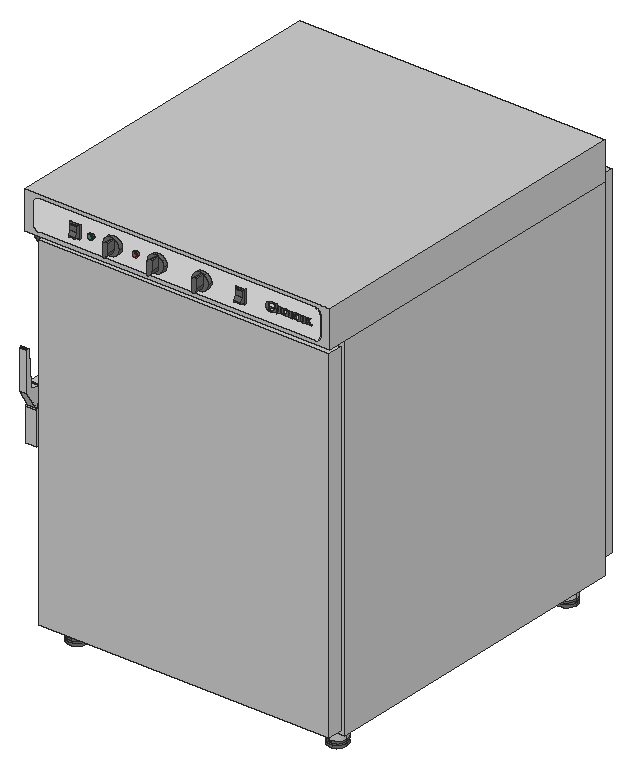
Revit family "QF_GIORIK_GR1021M_GR1021P", category Specialty Equipment, Revit 2014
Parameters (values of type "GR1021M")
  Weight in Pounds = 337.307
  Watts = 15900 W
  Waste Water Discharge Temperature = 0 °C
  Volts = 400 V
  URL Cutsheet = ""
  URL = "www.giorik.com"
  Programmable electronic control = no
  Plumbing Remarks [instance] = ""
  Plumbing Connection Type [instance] = ""
  Legs height [instance] = 60 mm
  Indirect Waste Size = 3/4"
  Indirect Waste Flow = 0.0 L/s
  Indirect Waste Connection Type [instance] = ""
  Indirect Waste Connection Height = 46 mm
  Mechanical control = yes
  Status [instance] = ""
  Specification by User [instance] = ""
  Specification by Manufacturer = ""
  Serial Number = ""
  Seismic Rating = ""
  SMACNA No = ""
  Revision Code [instance] = ""
  Phase = 3
  Number of Poles [instance] = 3
  NAFEM Spec ID Number = ""
  Model = "GR1021M"
  Min Ckt Ampacity = 0 A
  Max Overcurrent Protection = 20 A
  Masterspec = ""
  Manufacturer = "GIORIK"
  Show Logo [instance] = yes
  Show Clearance [instance] = yes
  Item Number [instance] = ""
  Installed By [instance] = ""
  Identify Quantity as Lot [instance] = no
  HP = "0"
  Furnished By [instance] = ""
  Foodservice Equipment Identifier [instance] = yes
  FL Amps = 0 A
  Electrical Remarks [instance] = ""
  Electric Connection Type [instance] = ""
  Elec Conn RI Height [instance] = 0 mm
  Elec Conn Connection Height [instance] = 549 mm
  Description = "REGENERATING OVEN 10 GN 2/1 - MECHANICAL VERSION"
  Cycle = 50 Hz
  Conn Plug = ""
  Conn Conduit [instance] = no
  Cold Water Temperature Recommended = 0 °C
  Cold Water Size = 3/4"
  Cold Water RI Height [instance] = 0 mm
  Cold Water Minimum Pressure [instance] = 150.0 kPa
  Cold Water Maximum Pressure [instance] = 600.0 kPa
  Cold Water Flow [instance] = 0.0 L/s
  Cold Water Consumption [instance] = ""
  Cold Water Connection Height = 199 mm
  CSI MasterFormat = ""
  Assembly Code = "E1090320"
  Apparent Power = 15900 VA
Reference planes
  plane 1 "Back": y = 0
  plane 2: z = 0
  plane 3 "Left": x = 0
  plane 4 "Right": x = 820
  plane 5 "Front": y = -1010
  plane 6 "Top": z = 1110
  plane 7 "Legs height": z = 60
  plane 8 "Front oven": y = -960
Forms (mm)
  Extrusion 1, solid
    sketch origin (0, 0, 0) x (1, 0, 0) y (0, 0, 1)
      loop
        line (0, 60) -> (820, 60) -> (820, 1010) -> (0, 1010) -> (0, 60)
    from 85 to 960
  Extrusion 2, solid
    sketch origin (0, -1010, 0) x (-1, 0, 0) y (0, 0, 1)
      loop
        line (-818, 1000) -> (-818, 75) -> (-38, 75) -> (-38, 1000) -> (-818, 1000)
    from 0 to 40
  Extrusion 3, solid, visible <- "Show Clearance", detail levels coarse
    sketch origin (430, -505, 0) x (1, 0, 0) y (0, 1, 0)
      loop
        line (-430, -505) -> (-430, 505) -> (390, 505) -> (390, -505) -> (490, -505) -> (490, 605) -> (-530, 605) -> (-530, -505) -> (-430, -505)
    from 0 to 1110
  Extrusion 4, solid, visible <- "Show Clearance", detail levels coarse
    sketch origin (0, -21, 60) x (0, 1, 0) y (-1, 0, 0)
      loop
        line (-989, -820) -> (-989, -38)
        arc (-989, -38) -> (-1534.361, -248.256) -> (-1777, -780) r 773.64
        line (-1777, -780) -> (-1777, -820) -> (-989, -820)
    from 15 to 940
  Extrusion 5, solid
    sketch origin (0, -1010, 0) x (-1, 0, 0) y (0, 0, 1)
      loop
        arc (-25, 1085) -> (-29.393, 1095.607) -> (-40, 1100) r 15
        line (-40, 1100) -> (-780, 1100)
        arc (-780, 1100) -> (-790.607, 1095.607) -> (-795, 1085) r 15
        line (-795, 1085) -> (-795, 1035)
        arc (-795, 1035) -> (-790.607, 1024.393) -> (-780, 1020) r 15
        line (-780, 1020) -> (-40, 1020)
        arc (-40, 1020) -> (-29.393, 1024.393) -> (-25, 1035) r 15
        line (-25, 1035) -> (-25, 1085)
    from -0.5 to 2
  Extrusion 6, solid
    sketch origin (820, 154, 0) x (0, -1, 0) y (0, 0, 1)
      loop
        circle (220, 199) r 11
    from 50 to 30
  Extrusion 7, solid, visible <- "Mechanical control"
    sketch origin (0, -1010, 0) x (-1, 0, 0) y (0, 0, 1)
      loop
        circle (-180, 1060) r 7.5
    from 0 to -3
  Extrusion 8, solid, visible <- "Show Logo", detail levels medium+fine
    sketch origin (576.604, -1010, 203.695) x (-1, 0, 0) y (0, 0, 1)
      loop
        line (-104.547, 863.962) -> (-115.547, 863.962) -> (-112.754, 861.618) -> (-112.754, 851.306) -> (-115.547, 848.962) -> (-104.547, 848.962) -> (-107.34, 851.306) -> (-107.34, 861.618) -> (-104.547, 863.962)
      loop
        line (-159.547, 863.962) -> (-170.547, 863.962) -> (-167.754, 861.618) -> (-167.754, 851.306) -> (-170.547, 848.962) -> (-159.547, 848.962) -> (-162.34, 851.306) -> (-162.34, 861.618) -> (-159.547, 863.962)
      loop
        line (-172.547, 863.962) -> (-183.547, 863.962) -> (-180.754, 861.618) -> (-180.754, 856.706) -> (-187.354, 862.244) -> (-184.9, 863.962) -> (-193.294, 863.962) -> (-189.303, 862.101) -> (-186.172, 858.97) -> (-192.777, 851.098) -> (-195.9, 849.962) -> (-195.9, 848.962) -> (-184.9, 848.962) -> (-186.151, 850.747) -> (-182.483, 855.625) -> (-180.754, 854.818) -> (-180.754, 851.306) -> (-183.547, 848.962) -> (-172.547, 848.962) -> (-175.34, 851.306) -> (-175.34, 861.618) -> (-172.547, 863.962)
      loop
        line (-100.387, 868.5) -> (-100.387, 858.865)
        arc (-100.387, 858.865) -> (-95.719, 863.282) -> (-89.875, 865.956) r 19.648
        arc (-89.875, 865.956) -> (-85.547, 865.774) -> (-82.114, 863.131) r 7.168
        arc (-82.114, 863.131) -> (-80.034, 856.5) -> (-82.114, 849.868) r 11.613
        arc (-82.114, 849.868) -> (-84.434, 847.581) -> (-87.423, 846.287) r 8.864
        arc (-87.423, 846.287) -> (-90.954, 846.508) -> (-93.801, 848.608) r 6.26
        line (-93.801, 848.608) -> (-93.801, 856.174) -> (-101.26, 856.174) -> (-101.26, 848.213) -> (-103.406, 846.068) -> (-98.753, 847.314)
        arc (-98.753, 847.314) -> (-96.873, 847.533) -> (-95.12, 846.821) r 3.816
        arc (-95.12, 846.821) -> (-86.651, 844.034) -> (-78.183, 846.821) r 14.26
        arc (-78.183, 846.821) -> (-73.396, 856.305) -> (-78.183, 865.788) r 11.787
        arc (-78.183, 865.788) -> (-86.838, 868.637) -> (-95.494, 865.788) r 14.575
        line (-95.494, 865.788) -> (-100.387, 868.5)
      loop
        arc (-117.299, 861.157) -> (-125.457, 864.293) -> (-133.615, 861.157) r 12.178
        arc (-133.615, 861.157) -> (-135.675, 856.524) -> (-133.615, 851.891) r 6.24
        arc (-133.615, 851.891) -> (-125.457, 848.755) -> (-117.299, 851.891) r 12.178
        arc (-117.299, 851.891) -> (-115.239, 856.524) -> (-117.299, 861.157) r 6.24
      loop
        arc (-121.457, 859.117) -> (-125.457, 863.117) -> (-129.457, 859.117) r 4
        line (-129.457, 859.117) -> (-129.457, 853.931)
        arc (-129.457, 853.931) -> (-125.457, 849.931) -> (-121.457, 853.931) r 4
        line (-121.457, 853.931) -> (-121.457, 859.117)
      loop
        arc (-150.534, 863.971) -> (-154.557, 859.947) -> (-150.534, 855.923) r 4.024
        line (-150.534, 855.923) -> (-154.412, 850.423) -> (-157.545, 848.962) -> (-149.901, 848.962) -> (-147.062, 855.05) -> (-143.519, 855.05) -> (-143.519, 851.008) -> (-146.441, 848.962) -> (-135.402, 848.962) -> (-137.953, 850.881) -> (-137.953, 861.677) -> (-135.669, 863.971) -> (-150.534, 863.971)
      loop
        line (-143.519, 862.926) -> (-147.194, 862.926)
        arc (-147.194, 862.926) -> (-150.379, 859.741) -> (-147.194, 856.556) r 3.185
        line (-147.194, 856.556) -> (-143.519, 856.556) -> (-143.519, 862.926)
    from 0.5 to -1.5
  Extrusion 9, solid, visible <- "Show Logo", detail levels medium+fine
    sketch origin (574.604, -1010, 203.695) x (-1, 0, 0) y (0, 0, 1)
      loop
        line (-83.301, 856.174) -> (-95.301, 856.174) -> (-89.301, 851.174) -> (-83.301, 856.174)
    from 0.5 to -1.5
  Extrusion 10, solid
    sketch origin (0, -65, 0) x (1, 0, 0) y (0, 1, 0)
      loop
        circle (60, -72) r 25
    from 0 to 6
  Extrusion 11, solid
    sketch origin (0, -65, 0) x (1, 0, 0) y (0, 1, 0)
      loop
        circle (60, -72) r 25
    from 17 to 60
  Extrusion 12, solid
    sketch origin (0, -65, 0) x (1, 0, 0) y (0, 1, 0)
      loop
        circle (60, -72) r 23
    from 6 to 12
  Extrusion 13, solid
    sketch origin (0, -65, 0) x (1, 0, 0) y (0, 1, 0)
      loop
        circle (60, -72) r 25
    from 12 to 17
  Extrusion 14, solid
    sketch origin (0, -573, 0) x (1, 0, 0) y (0, 1, 0)
      loop
        circle (60, -336) r 25
    from 0 to 6
  Extrusion 15, solid
    sketch origin (0, -573, 0) x (1, 0, 0) y (0, 1, 0)
      loop
        circle (60, -336) r 25
    from 17 to 60
  Extrusion 16, solid
    sketch origin (0, -573, 0) x (1, 0, 0) y (0, 1, 0)
      loop
        circle (60, -336) r 23
    from 6 to 12
  Extrusion 17, solid
    sketch origin (0, -573, 0) x (1, 0, 0) y (0, 1, 0)
      loop
        circle (60, -336) r 25
    from 12 to 17
  Extrusion 18, solid
    sketch origin (700, -65, 0) x (1, 0, 0) y (0, 1, 0)
      loop
        circle (60, -72) r 25
    from 0 to 6
  Extrusion 19, solid
    sketch origin (700, -65, 0) x (1, 0, 0) y (0, 1, 0)
      loop
        circle (60, -72) r 25
    from 17 to 60
  Extrusion 20, solid
    sketch origin (700, -65, 0) x (1, 0, 0) y (0, 1, 0)
      loop
        circle (60, -72) r 23
    from 6 to 12
  Extrusion 21, solid
    sketch origin (700, -65, 0) x (1, 0, 0) y (0, 1, 0)
      loop
        circle (60, -72) r 25
    from 12 to 17
  Extrusion 22, solid
    sketch origin (700, -573, 0) x (1, 0, 0) y (0, 1, 0)
      loop
        circle (60, -336) r 25
    from 0 to 6
  Extrusion 23, solid
    sketch origin (700, -573, 0) x (1, 0, 0) y (0, 1, 0)
      loop
        circle (60, -336) r 25
    from 17 to 60
  Extrusion 24, solid
    sketch origin (700, -573, 0) x (1, 0, 0) y (0, 1, 0)
      loop
        circle (60, -336) r 23
    from 6 to 12
  Extrusion 25, solid
    sketch origin (700, -573, 0) x (1, 0, 0) y (0, 1, 0)
      loop
        circle (60, -336) r 25
    from 12 to 17
  Extrusion 26, solid
    sketch origin (0, 0, 0) x (1, 0, 0) y (0, 0, 1)
      loop
        line (50, 60) -> (770, 60) -> (770, 985) -> (50, 985) -> (50, 60)
    from 0 to 85
  Extrusion 27, solid
    sketch origin (0, 0, 0) x (1, 0, 0) y (0, 0, 1)
      loop
        line (0, 1110) -> (0, 1010) -> (820, 1010) -> (820, 1110) -> (0, 1110)
    from 85 to 1010
  Extrusion 28, solid
    sketch origin (0, 0, 190) x (0, 1, 0) y (0, 0, 1)
      loop
        line (-972.5, 307) -> (-972.5, 457) -> (-999.5, 455.5) -> (-999.5, 426.5) -> (-1012.5, 400) -> (-1012.5, 312) -> (-972.5, 307)
    from 6 to 36
  Extrusion 29, solid
    sketch origin (0, 0, -190) x (0, 1, 0) y (0, 0, 1)
      loop
        line (-1012.5, 780) -> (-999.5, 806.5) -> (-999.5, 833.216) -> (-1019.655, 835.333)
        arc (-1019.655, 835.333) -> (-1025.803, 838.331) -> (-1028.586, 844.58) r 10
        line (-1028.586, 844.58) -> (-1035, 936.21) -> (-1037.5, 936.21) -> (-1040, 933.71) -> (-1040, 832.08) -> (-1012.5, 784.31) -> (-1012.5, 780)
    from 11 to 31
  Extrusion 30, solid
    sketch origin (0, 0, 190) x (0, 1, 0) y (0, 0, 1)
      loop
        line (-960, 306.3) -> (-960, 364.3) -> (-962.8, 364.3)
        arc (-962.8, 364.3) -> (-964.568, 363.568) -> (-965.3, 361.8) r 2.5
        line (-965.3, 361.8) -> (-965.3, 339.484)
        arc (-965.3, 339.484) -> (-965.917, 337.839) -> (-967.464, 337.006) r 2.5
        line (-967.464, 337.006) -> (-972.5, 336.324) -> (-972.5, 324.276) -> (-967.464, 323.593)
        arc (-967.464, 323.593) -> (-965.917, 322.761) -> (-965.3, 321.116) r 2.5
        line (-965.3, 321.116) -> (-965.3, 308.8)
        arc (-965.3, 308.8) -> (-964.568, 307.032) -> (-962.8, 306.3) r 2.5
        line (-962.8, 306.3) -> (-960, 306.3)
    from 8.5 to 33.5
  Extrusion 31, solid, visible <- "Mechanical control"
    sketch origin (0, -1010, 0) x (-1, 0, 0) y (0, 0, 1)
      loop
        arc (-247.2, 1054.346) -> (-244.087, 1045.403) -> (-236.094, 1040.325) r 14.404
        arc (-236.094, 1040.325) -> (-234.423, 1040.714) -> (-232.8, 1041.269) r 17
        line (-232.8, 1041.269) -> (-232.8, 1066.046)
        arc (-232.8, 1066.046) -> (-235.913, 1074.989) -> (-243.906, 1080.067) r 14.404
        arc (-243.906, 1080.067) -> (-245.577, 1079.678) -> (-247.2, 1079.123) r 17
        line (-247.2, 1079.123) -> (-247.2, 1054.346)
    from -30 to -10
  Extrusion 32, solid, visible <- "Mechanical control"
    sketch origin (0, -1010, 0) x (-1, 0, 0) y (0, 0, 1)
      loop
        circle (-240, 1060.196) r 22.5
    from 0 to -10
  Extrusion 33, solid, visible <- "Mechanical control"
    sketch origin (120, -1010, 0) x (-1, 0, 0) y (0, 0, 1)
      loop
        arc (-247.2, 1054.346) -> (-244.087, 1045.403) -> (-236.094, 1040.325) r 14.404
        arc (-236.094, 1040.325) -> (-234.423, 1040.714) -> (-232.8, 1041.269) r 17
        line (-232.8, 1041.269) -> (-232.8, 1066.046)
        arc (-232.8, 1066.046) -> (-235.913, 1074.989) -> (-243.906, 1080.067) r 14.404
        arc (-243.906, 1080.067) -> (-245.577, 1079.678) -> (-247.2, 1079.123) r 17
        line (-247.2, 1079.123) -> (-247.2, 1054.346)
    from -30 to -10
  Extrusion 34, solid, visible <- "Mechanical control"
    sketch origin (120, -1010, 0) x (-1, 0, 0) y (0, 0, 1)
      loop
        circle (-240, 1060.196) r 22.5
    from 0 to -10
  Extrusion 35, solid, visible <- "Mechanical control"
    sketch origin (0, -1010, 0) x (-1, 0, 0) y (0, 0, 1)
      loop
        circle (-180, 1060) r 5.5
    from -3 to -6
  Extrusion 36, solid, visible <- "Mechanical control"
    sketch origin (120, -1010, 0) x (-1, 0, 0) y (0, 0, 1)
      loop
        circle (-180, 1060) r 7.5
    from 0 to -3
  Extrusion 37, solid, visible <- "Mechanical control"
    sketch origin (120, -1010, 0) x (-1, 0, 0) y (0, 0, 1)
      loop
        circle (-180, 1060) r 5.5
    from -3 to -6
  Extrusion 38, solid, visible <- "Mechanical control"
    sketch origin (0, -1010, 0) x (-1, 0, 0) y (0, 0, 1)
      loop
        line (-125, 1042.5) -> (-125, 1077.5) -> (-150, 1077.5) -> (-150, 1042.5) -> (-125, 1042.5)
    from 0 to -3
  Extrusion 39, solid, visible <- "Mechanical control"
    sketch origin (0, 0, 0) x (0, 1, 0) y (0, 0, 1)
      loop
        line (-1013, 1074.5) -> (-1017, 1074.5) -> (-1017, 1060) -> (-1022.435, 1048.345)
        arc (-1022.435, 1048.345) -> (-1022.309, 1046.425) -> (-1020.622, 1045.5) r 2
        line (-1020.622, 1045.5) -> (-1013, 1045.5) -> (-1013, 1074.5)
    from 128 to 147
  Extrusion 40, solid
    sketch origin (-118.5, -970, -124) x (0, 1, 0) y (0, 0, 1)
      loop
        line (894.124, 687.794) -> (886.25, 674.156) -> (886.25, 671.844) -> (894.124, 658.206) -> (896.126, 657.05) -> (911.874, 657.05) -> (913.876, 658.206) -> (921.75, 671.844) -> (921.75, 674.156) -> (913.876, 687.794) -> (911.874, 688.95) -> (896.126, 688.95) -> (894.124, 687.794)
    from 144.771 to 152.771
  Extrusion 41, solid
    sketch origin (-118.5, -970, -124) x (0, 1, 0) y (0, 0, 1)
      loop
        line (894.124, 687.794) -> (886.25, 674.156) -> (886.25, 671.844) -> (894.124, 658.206) -> (896.126, 657.05) -> (911.874, 657.05) -> (913.876, 658.206) -> (921.75, 671.844) -> (921.75, 674.156) -> (913.876, 687.794) -> (911.874, 688.95) -> (896.126, 688.95) -> (894.124, 687.794)
    from 160.771 to 152.771
  Extrusion 42, solid
    sketch origin (-118.5, -970, -124) x (0, 1, 0) y (0, 0, 1)
      loop
        line (894.124, 687.794) -> (886.25, 674.156) -> (886.25, 671.844) -> (894.124, 658.206) -> (896.126, 657.05) -> (911.874, 657.05) -> (913.876, 658.206) -> (921.75, 671.844) -> (921.75, 674.156) -> (913.876, 687.794) -> (911.874, 688.95) -> (896.126, 688.95) -> (894.124, 687.794)
    from 168.5 to 160.771
  Revolve 43, solid
    sketch origin (16, 0, 0) x (0, 1, 0) y (0, 0, 1)
      loop
        line (-960, 989.289) -> (-960, 997.386) -> (-970.896, 999.202)
        arc (-970.896, 999.202) -> (-971.334, 999.395) -> (-971.638, 999.766) r 1.032
        line (-971.638, 999.766) -> (-974.719, 1006.1)
        arc (-974.719, 1006.1) -> (-975.654, 1006.864) -> (-976.588, 1006.1) r 0.954
        arc (-976.588, 1006.1) -> (-978.837, 997.805) -> (-980, 989.289) r 66.68
        line (-980, 989.289) -> (-960, 989.289)
      axis (-960, 989.289) -> (-980, 989.289)
    angle from 0 to 360
  Extrusion 44, solid, visible <- "Mechanical control"
    sketch origin (240, -1010, 0) x (-1, 0, 0) y (0, 0, 1)
      loop
        arc (-247.2, 1054.346) -> (-244.087, 1045.403) -> (-236.094, 1040.325) r 14.404
        arc (-236.094, 1040.325) -> (-234.423, 1040.714) -> (-232.8, 1041.269) r 17
        line (-232.8, 1041.269) -> (-232.8, 1066.046)
        arc (-232.8, 1066.046) -> (-235.913, 1074.989) -> (-243.906, 1080.067) r 14.404
        arc (-243.906, 1080.067) -> (-245.577, 1079.678) -> (-247.2, 1079.123) r 17
        line (-247.2, 1079.123) -> (-247.2, 1054.346)
    from -30 to -10
  Extrusion 45, solid, visible <- "Mechanical control"
    sketch origin (240, -1010, 0) x (-1, 0, 0) y (0, 0, 1)
      loop
        circle (-240, 1060.196) r 22.5
    from 0 to -10
  Extrusion 46, solid, visible <- "Mechanical control"
    sketch origin (720, -1010, 0) x (1, 0, 0) y (0, 0, -1)
      loop
        line (-125, -1042.5) -> (-150, -1042.5) -> (-150, -1077.5) -> (-125, -1077.5) -> (-125, -1042.5)
    from 0 to -3
  Extrusion 47, solid, visible <- "Mechanical control"
    sketch origin (720, 0, 0) x (0, 1, 0) y (0, 0, -1)
      loop
        line (-1013, -1074.5) -> (-1013, -1045.5) -> (-1020.622, -1045.5)
        arc (-1020.622, -1045.5) -> (-1022.309, -1046.425) -> (-1022.435, -1048.345) r 2
        line (-1022.435, -1048.345) -> (-1017, -1060) -> (-1017, -1074.5) -> (-1013, -1074.5)
    from 128 to 147
  Sweep 48, solid
    path origin (0, -145, 60) x (0, 1, 0) y (-1, 0, 0)
      loop
        line (-470.54, -439.955) -> (-10, -645)
    profile origin (542.477, -385.27, 60) x (-0.913545, 0.406737, 0) y (0, 0, 1)
      loop
        circle (0, -14) r 11
  Sweep 49, solid
    path origin (986.762, -346.241, 4.474) x (-0.406737, -0.913545, 0) y (0, 0, 1)
      loop
        line (468.424, 46) -> (478.424, 46)
        arc (478.424, 46) -> (485.495, 48.929) -> (488.424, 56) r 10
        line (488.424, 56) -> (488.424, 60)
    profile origin (788.103, -792.438, 62.474) x (0.406737, 0.913545, 0) y (-0.913545, 0.406737, 0)
      loop
        circle (-4.474, 390) r 11
  Sweep 50, solid
    path origin (0, -145, 60) x (0, 1, 0) y (-1, 0, 0)
      loop
        line (-478.977, -436.198) -> (-451.571, -448.4)
    profile origin (442.299, -610.274, 60) x (-0.913545, 0.406737, 0) y (0, 0, 1)
      loop
        circle (0, -14) r 14
  Sweep 51, solid
    path origin (0, -10, 0) x (0, 1, 0) y (0, 0, 1)
      loop
        line (-79.938, 1054.218) -> (-60.185, 1057.347)
    profile origin (0, -80.062, 1055.782) x (0, -0.156434, 0.987688) y (1, 0, 0)
      loop
        circle (0, 160) r 25
  Extrusion 52, solid, visible <- "Programmable electronic control"
    sketch origin (0, -1010, 0) x (-1, 0, 0) y (0, 0, 1)
      loop
        line (-71, 1065.5) -> (-71, 1079.5)
        arc (-71, 1079.5) -> (-71.586, 1080.914) -> (-73, 1081.5) r 2
        line (-73, 1081.5) -> (-87, 1081.5)
        arc (-87, 1081.5) -> (-88.414, 1080.914) -> (-89, 1079.5) r 2
        line (-89, 1079.5) -> (-89, 1065.5)
        arc (-89, 1065.5) -> (-88.414, 1064.086) -> (-87, 1063.5) r 2
        line (-87, 1063.5) -> (-73, 1063.5)
        arc (-73, 1063.5) -> (-71.586, 1064.086) -> (-71, 1065.5) r 2
      loop
        arc (-71, 1047) -> (-71.586, 1048.414) -> (-73, 1049) r 2
        line (-73, 1049) -> (-87, 1049)
        arc (-87, 1049) -> (-88.414, 1048.414) -> (-89, 1047) r 2
        line (-89, 1047) -> (-89, 1033)
        arc (-89, 1033) -> (-88.414, 1031.586) -> (-87, 1031) r 2
        line (-87, 1031) -> (-73, 1031)
        arc (-73, 1031) -> (-71.586, 1031.586) -> (-71, 1033) r 2
        line (-71, 1033) -> (-71, 1047)
      loop
        line (-85.824, 1071.942) -> (-85.824, 1068.598) -> (-77.871, 1068.598) -> (-77.871, 1067.344) -> (-75.064, 1069.098) -> (-77.871, 1070.852) -> (-77.871, 1069.598) -> (-84.824, 1069.598) -> (-84.824, 1071.942) -> (-85.824, 1071.942)
      loop
        arc (-86.5, 1048) -> (-87.561, 1047.561) -> (-88, 1046.5) r 1.5
        line (-88, 1046.5) -> (-88, 1033.5)
        arc (-88, 1033.5) -> (-87.561, 1032.439) -> (-86.5, 1032) r 1.5
        line (-86.5, 1032) -> (-73.5, 1032)
        arc (-73.5, 1032) -> (-72.439, 1032.439) -> (-72, 1033.5) r 1.5
        line (-72, 1033.5) -> (-72, 1046.5)
        arc (-72, 1046.5) -> (-72.439, 1047.561) -> (-73.5, 1048) r 1.5
        line (-73.5, 1048) -> (-86.5, 1048)
      loop
        line (-79.5, 1046) -> (-80.5, 1046) -> (-80.5, 1040) -> (-79.5, 1040) -> (-79.5, 1046)
      loop
        arc (-78.987, 1045.406) -> (-80, 1034.5) -> (-81.013, 1045.406) r 5.5
        line (-81.013, 1045.406) -> (-81.013, 1044.385)
        arc (-81.013, 1044.385) -> (-80, 1035.5) -> (-78.987, 1044.385) r 4.5
        line (-78.987, 1044.385) -> (-78.987, 1045.406)
      loop
        line (-75.022, 1077) -> (-84.978, 1077) -> (-84.978, 1074.886) -> (-75.022, 1074.886) -> (-75.022, 1077)
      loop
        line (-107, 1065.5) -> (-107, 1079.5)
        arc (-107, 1079.5) -> (-107.586, 1080.914) -> (-109, 1081.5) r 2
        line (-109, 1081.5) -> (-123, 1081.5)
        arc (-123, 1081.5) -> (-124.414, 1080.914) -> (-125, 1079.5) r 2
        line (-125, 1079.5) -> (-125, 1065.5)
        arc (-125, 1065.5) -> (-124.414, 1064.086) -> (-123, 1063.5) r 2
        line (-123, 1063.5) -> (-109, 1063.5)
        arc (-109, 1063.5) -> (-107.586, 1064.086) -> (-107, 1065.5) r 2
      loop
        circle (-111.46, 1077) r 1.5
      loop
        circle (-120.54, 1068) r 1.5
      loop
        arc (-107, 1047) -> (-107.586, 1048.414) -> (-109, 1049) r 2
        line (-109, 1049) -> (-123, 1049)
        arc (-123, 1049) -> (-124.414, 1048.414) -> (-125, 1047) r 2
        line (-125, 1047) -> (-125, 1033)
        arc (-125, 1033) -> (-124.414, 1031.586) -> (-123, 1031) r 2
        line (-123, 1031) -> (-109, 1031)
        arc (-109, 1031) -> (-107.586, 1031.586) -> (-107, 1033) r 2
        line (-107, 1033) -> (-107, 1047)
      loop
        arc (-110.035, 1042.254) -> (-112.14, 1043.328) -> (-114.387, 1042.599) r 3.087
        arc (-114.387, 1042.599) -> (-116.352, 1044.804) -> (-119.278, 1045.2) r 4.257
        line (-119.278, 1045.2) -> (-121.9, 1039.311)
        arc (-121.9, 1039.311) -> (-118.973, 1038.915) -> (-117.009, 1036.711) r 4.257
        arc (-117.009, 1036.711) -> (-114.761, 1037.439) -> (-112.657, 1036.365) r 3.087
        line (-112.657, 1036.365) -> (-110.035, 1042.254)
      loop
        arc (-111.244, 1041.998) -> (-112.518, 1042.333) -> (-113.738, 1041.838) r 2.087
        line (-113.738, 1041.838) -> (-115.318, 1042.234)
        arc (-115.318, 1042.234) -> (-116.614, 1043.801) -> (-118.587, 1044.293) r 3.257
        line (-118.587, 1044.293) -> (-120.332, 1040.374)
        arc (-120.332, 1040.374) -> (-118.235, 1039.644) -> (-116.626, 1038.114) r 5.257
        arc (-116.626, 1038.114) -> (-114.817, 1038.444) -> (-113.047, 1037.949) r 4.087
        line (-113.047, 1037.949) -> (-111.244, 1041.998)
      loop
        arc (-143, 1047) -> (-143.586, 1048.414) -> (-145, 1049) r 2
        line (-145, 1049) -> (-159, 1049)
        arc (-159, 1049) -> (-160.414, 1048.414) -> (-161, 1047) r 2
        line (-161, 1047) -> (-161, 1033)
        arc (-161, 1033) -> (-160.414, 1031.586) -> (-159, 1031) r 2
        line (-159, 1031) -> (-145, 1031)
        arc (-145, 1031) -> (-143.586, 1031.586) -> (-143, 1033) r 2
        line (-143, 1033) -> (-143, 1047)
      loop
        arc (-179, 1047) -> (-179.586, 1048.414) -> (-181, 1049) r 2
        line (-181, 1049) -> (-195, 1049)
        arc (-195, 1049) -> (-196.414, 1048.414) -> (-197, 1047) r 2
        line (-197, 1047) -> (-197, 1033)
        arc (-197, 1033) -> (-196.414, 1031.586) -> (-195, 1031) r 2
        line (-195, 1031) -> (-181, 1031)
        arc (-181, 1031) -> (-179.586, 1031.586) -> (-179, 1033) r 2
        line (-179, 1033) -> (-179, 1047)
      loop
        line (-149.5, 1039.25) -> (-149.5, 1040.75) -> (-154.5, 1040.75) -> (-154.5, 1039.25) -> (-149.5, 1039.25)
      loop
        line (-185, 1039.25) -> (-185, 1040.75) -> (-187.25, 1040.75) -> (-187.25, 1042.992) -> (-188.75, 1042.992) -> (-188.75, 1040.75) -> (-191, 1040.75) -> (-191, 1039.25) -> (-188.75, 1039.25) -> (-188.75, 1037) -> (-187.25, 1037) -> (-187.25, 1039.25) -> (-185, 1039.25)
      loop
        arc (-215, 1047) -> (-215.586, 1048.414) -> (-217, 1049) r 2
        line (-217, 1049) -> (-231, 1049)
        arc (-231, 1049) -> (-232.414, 1048.414) -> (-233, 1047) r 2
        line (-233, 1047) -> (-233, 1033)
        arc (-233, 1033) -> (-232.414, 1031.586) -> (-231, 1031) r 2
        line (-231, 1031) -> (-217, 1031)
        arc (-217, 1031) -> (-215.586, 1031.586) -> (-215, 1033) r 2
        line (-215, 1033) -> (-215, 1047)
      loop
        arc (-215, 1079.5) -> (-215.586, 1080.914) -> (-217, 1081.5) r 2
        line (-217, 1081.5) -> (-231, 1081.5)
        arc (-231, 1081.5) -> (-232.414, 1080.914) -> (-233, 1079.5) r 2
        line (-233, 1079.5) -> (-233, 1065.5)
        arc (-233, 1065.5) -> (-232.414, 1064.086) -> (-231, 1063.5) r 2
        line (-231, 1063.5) -> (-217, 1063.5)
        arc (-217, 1063.5) -> (-215.586, 1064.086) -> (-215, 1065.5) r 2
        line (-215, 1065.5) -> (-215, 1079.5)
      loop
        circle (-224, 1040) r 6
      loop
        line (-221.142, 1041.959) -> (-223.931, 1040.283) -> (-227.005, 1042.956) -> (-227.557, 1042.321) -> (-224.689, 1039.828) -> (-225.876, 1039.114) -> (-225.443, 1038.393) -> (-224.021, 1039.247) -> (-223.106, 1038.451) -> (-222.554, 1039.086) -> (-223.263, 1039.703) -> (-220.708, 1041.238) -> (-221.142, 1041.959)
      loop
        line (-224, 1078.571) -> (-227.538, 1071.867)
        arc (-227.538, 1071.867) -> (-224, 1066) -> (-220.462, 1071.867) r 4
        line (-220.462, 1071.867) -> (-224, 1078.571)
      loop
        circle (-224, 1040) r 5.3
      loop
        arc (-251, 1047) -> (-251.586, 1048.414) -> (-253, 1049) r 2
        line (-253, 1049) -> (-267, 1049)
        arc (-267, 1049) -> (-268.414, 1048.414) -> (-269, 1047) r 2
        line (-269, 1047) -> (-269, 1033)
        arc (-269, 1033) -> (-268.414, 1031.586) -> (-267, 1031) r 2
        line (-267, 1031) -> (-253, 1031)
        arc (-253, 1031) -> (-251.586, 1031.586) -> (-251, 1033) r 2
        line (-251, 1033) -> (-251, 1047)
      loop
        arc (-251, 1079.5) -> (-251.586, 1080.914) -> (-253, 1081.5) r 2
        line (-253, 1081.5) -> (-267, 1081.5)
        arc (-267, 1081.5) -> (-268.414, 1080.914) -> (-269, 1079.5) r 2
        line (-269, 1079.5) -> (-269, 1065.5)
        arc (-269, 1065.5) -> (-268.414, 1064.086) -> (-267, 1063.5) r 2
        line (-267, 1063.5) -> (-253, 1063.5)
        arc (-253, 1063.5) -> (-251.586, 1064.086) -> (-251, 1065.5) r 2
        line (-251, 1065.5) -> (-251, 1079.5)
      loop
        arc (-287, 1047) -> (-287.586, 1048.414) -> (-289, 1049) r 2
        line (-289, 1049) -> (-303, 1049)
        arc (-303, 1049) -> (-304.414, 1048.414) -> (-305, 1047) r 2
        line (-305, 1047) -> (-305, 1033)
        arc (-305, 1033) -> (-304.414, 1031.586) -> (-303, 1031) r 2
        line (-303, 1031) -> (-289, 1031)
        arc (-289, 1031) -> (-287.586, 1031.586) -> (-287, 1033) r 2
        line (-287, 1033) -> (-287, 1047)
      loop
        arc (-287, 1079.5) -> (-287.586, 1080.914) -> (-289, 1081.5) r 2
        line (-289, 1081.5) -> (-303, 1081.5)
        arc (-303, 1081.5) -> (-304.414, 1080.914) -> (-305, 1079.5) r 2
        line (-305, 1079.5) -> (-305, 1065.5)
        arc (-305, 1065.5) -> (-304.414, 1064.086) -> (-303, 1063.5) r 2
        line (-303, 1063.5) -> (-289, 1063.5)
        arc (-289, 1063.5) -> (-287.586, 1064.086) -> (-287, 1065.5) r 2
        line (-287, 1065.5) -> (-287, 1079.5)
      loop
        arc (-261.2, 1070.693) -> (-260, 1066) -> (-258.8, 1070.693) r 2.5
        line (-258.8, 1070.693) -> (-258.8, 1076.5)
        arc (-258.8, 1076.5) -> (-260, 1077.7) -> (-261.2, 1076.5) r 1.2
        line (-261.2, 1076.5) -> (-261.2, 1070.693)
      loop
        line (-290.732, 1040.416) -> (-301.526, 1040.416) -> (-301.526, 1039.324) -> (-290.732, 1039.324) -> (-290.732, 1040.416)
      loop
        line (-291.659, 1044.456) -> (-300.665, 1044.456) -> (-300.665, 1041.807) -> (-291.659, 1041.807) -> (-291.659, 1044.456)
      loop
        line (-291.659, 1035.544) -> (-291.659, 1038.193) -> (-300.665, 1038.193) -> (-300.665, 1035.544) -> (-291.659, 1035.544)
      loop
        line (-289.807, 1069.232) -> (-293.938, 1073.364)
        arc (-293.938, 1073.364) -> (-295.275, 1076.228) -> (-298.297, 1077.153) r 3.889
        line (-298.297, 1077.153) -> (-300.752, 1077.153)
        arc (-300.752, 1077.153) -> (-302.253, 1075.652) -> (-300.752, 1074.151) r 1.501
        line (-300.752, 1074.151) -> (-299.094, 1074.151)
        arc (-299.094, 1074.151) -> (-297.433, 1072.545) -> (-295.157, 1072.145) r 3.942
        line (-295.157, 1072.145) -> (-291.025, 1068.014)
        arc (-291.025, 1068.014) -> (-289.807, 1068.014) -> (-289.807, 1069.232) r 0.862
      loop
        line (-258.293, 1044.504) -> (-264.651, 1044.504) -> (-264.207, 1042.845) -> (-261.896, 1042.845) -> (-260.614, 1036.251) -> (-259.114, 1036.251) -> (-254.614, 1036.251) -> (-257.653, 1042.118) -> (-259.579, 1038.644) -> (-260.396, 1042.845) -> (-257.848, 1042.845) -> (-258.293, 1044.504)
      loop
        line (-255.765, 1036.951) -> (-257.674, 1040.637) -> (-259.427, 1037.862) -> (-259.25, 1036.951) -> (-255.765, 1036.951)
      loop
        arc (-141, 1082.202) -> (-141.629, 1084.039) -> (-143.251, 1085.107) r 3
        arc (-143.251, 1085.107) -> (-170, 1088.5) -> (-196.749, 1085.107) r 107.125
        arc (-196.749, 1085.107) -> (-198.371, 1084.039) -> (-199, 1082.202) r 3
        line (-199, 1082.202) -> (-199, 1062.798)
        arc (-199, 1062.798) -> (-198.371, 1060.961) -> (-196.749, 1059.893) r 3
        arc (-196.749, 1059.893) -> (-170, 1056.5) -> (-143.251, 1059.893) r 107.125
        arc (-143.251, 1059.893) -> (-141.629, 1060.961) -> (-141, 1062.798) r 3
        line (-141, 1062.798) -> (-141, 1082.202)
      loop
        line (-150, 1065.5) -> (-150, 1079.5) -> (-190, 1079.5) -> (-190, 1065.5) -> (-150, 1065.5)
    from 0.5 to -1.5
  Extrusion 53, solid, visible <- "Programmable electronic control"
    sketch origin (505, -1010, 0) x (1, 0, 0) y (0, 0, -1)
      loop
        line (-125, -1042.5) -> (-150, -1042.5) -> (-150, -1077.5) -> (-125, -1077.5) -> (-125, -1042.5)
    from 0 to -3
  Extrusion 54, solid, visible <- "Programmable electronic control"
    sketch origin (505, 0, 0) x (0, 1, 0) y (0, 0, -1)
      loop
        line (-1013, -1074.5) -> (-1013, -1045.5) -> (-1020.622, -1045.5)
        arc (-1020.622, -1045.5) -> (-1022.309, -1046.425) -> (-1022.435, -1048.345) r 2
        line (-1022.435, -1048.345) -> (-1017, -1060) -> (-1017, -1074.5) -> (-1013, -1074.5)
    from 128 to 147
  Extrusion 55, solid, visible <- "Programmable electronic control"
    sketch origin (-2, -1010, 0) x (-1, 0, 0) y (0, 0, 1)
      loop
        circle (-72.5, 1052) r 2
      loop
        circle (-108.5, 1052) r 2
      loop
        circle (-216.5, 1052) r 2
      loop
        circle (-252.5, 1052) r 2
      loop
        circle (-288.5, 1052) r 2
      loop
        circle (-216.5, 1084.5) r 2
      loop
        circle (-252.5, 1084.5) r 2
      loop
        circle (-288.5, 1084.5) r 2
      loop
        circle (-139.5, 1084.5) r 2
      loop
        circle (-139.5, 1074.5) r 2
      loop
        line (-152, 1079.5) -> (-192, 1079.5) -> (-192, 1065.5) -> (-152, 1065.5) -> (-152, 1079.5)
      loop
        circle (-271.5, 1084.5) r 2
    from 0.5 to -1.5
Lines and regions (mm)
  symbolic lines, style "QF_Clearances", visible <- "Show Clearance", detail levels coarse
    curve 1: line (-100, -1010, 1115) -> (-100, 100, 1115)
    curve 2: line (-100, 100, 1115) -> (920, 100, 1115)
    curve 3: line (920, 100, 1115) -> (920, -1010, 1115)
  symbolic lines, style "200-EquipBorder-2D"
    curve 4: line (0, -85, 0) -> (820, -85, 0)
    curve 5: line (820, -85, 0) -> (820, -1010, 0)
    curve 6: line (0, -85, 0) -> (0, -1010, 0)
    curve 7: line (0, -1010, 0) -> (820, -1010, 0)
    curve 10: line (50, -85, 60) -> (50, 0, 60)
    curve 11: line (50, 0, 60) -> (770, 0, 60)
    curve 12: line (770, 0, 60) -> (770, -85, 60)
    curve 13: line (26.271, -48.25, 60) -> (26.271, -83.75, 60)
    curve 14: line (26.271, -83.75, 60) -> (50, -83.75, 60)
    curve 15: line (26.271, -48.25, 60) -> (50, -48.25, 60)
    curve 16: line (11, -1040, 60) -> (11, -1010, 60)
    curve 17: line (11, -1040, 60) -> (31, -1040, 60)
    curve 18: line (31, -1040, 60) -> (31, -1010, 60)
    curve 61: line (790, -55, 60) -> (770, -55, 60)
    curve 62: line (790, -55, 60) -> (790, -77, 60)
    curve 63: line (790, -77, 60) -> (770, -77, 60)
    curve 64: line (185, -70.185, 60) -> (185, -85, 60)
    curve 65: line (135, -70.185, 60) -> (135, -85, 60)
    curve 66: spline (160, -66.274, 60) -> (157.243, -66.298, 60) -> (154.52, -66.369, 60) -> (151.864, -66.487, 60) -> (149.307, -66.65, 60) -> (146.881, -66.856, 60) -> (144.614, -67.102, 60) -> (142.535, -67.386, 60) -> (140.669, -67.705, 60) -> (139.039, -68.053, 60) -> (137.665, -68.428, 60) -> (136.562, -68.824, 60) -> (135.746, -69.236, 60)
    curve 67: spline (160, -74.096, 60) -> (164.159, -74.041, 60) -> (168.203, -73.879, 60) -> (172.018, -73.614, 60) -> (175.497, -73.253, 60) -> (178.545, -72.807, 60) -> (181.076, -72.288, 60) -> (183.019, -71.71, 60) -> (184.321, -71.09, 60) -> (184.945, -70.444, 60) -> (184.873, -69.791, 60) -> (184.108, -69.15, 60) -> (182.671, -68.536, 60)
    curve 68: spline (135.746, -69.236, 60) -> (135.109, -69.819, 60) -> (135.042, -70.41, 60) -> (135.544, -70.996, 60) -> (136.605, -71.564, 60) -> (138.201, -72.099, 60) -> (140.295, -72.592, 60) -> (142.84, -73.029, 60) -> (145.776, -73.401, 60) -> (149.037, -73.699, 60) -> (152.549, -73.918, 60) -> (156.232, -74.051, 60) -> (160, -74.096, 60)
    curve 69: spline (182.671, -68.536, 60) -> (181.574, -68.209, 60) -> (180.284, -67.899, 60) -> (178.812, -67.609, 60) -> (177.172, -67.342, 60) -> (175.378, -67.101, 60) -> (173.446, -66.888, 60) -> (171.394, -66.704, 60) -> (169.24, -66.551, 60) -> (167.004, -66.43, 60) -> (164.704, -66.344, 60) -> (162.363, -66.291, 60) -> (160, -66.274, 60)
  symbolic lines, style "QF_Door-Drawer Clearances", visible <- "Show Clearance", detail levels coarse
    curve 8: line (820, -1010, 0) -> (820, -1798, 0)
    curve 9: line (820, -1798, 0) -> (780, -1798, 0)
    curve 70: arc (38, -1010, 60) -> (248.256, -1555.361, 60) -> (780, -1798, 60) r 773.64
  symbolic lines, style "200-EquipBorder-2D", visible <- "Mechanical control"
    curve 19: line (125, -1013, 60) -> (125, -1010, 60)
    curve 20: line (150, -1013, 60) -> (150, -1010, 60)
    curve 21: line (150, -1013, 60) -> (125, -1013, 60)
    curve 22: line (128, -1022.622, 60) -> (128, -1013, 60)
    curve 23: line (147, -1022.622, 60) -> (147, -1013, 60)
    curve 24: line (128, -1022.622, 60) -> (147, -1022.622, 60)
    curve 25: line (172.5, -1013, 60) -> (172.5, -1010, 60)
    curve 26: line (187.5, -1013, 60) -> (187.5, -1010, 60)
    curve 27: line (172.5, -1013, 60) -> (187.5, -1013, 60)
    curve 28: line (174.5, -1016, 60) -> (174.5, -1013, 60)
    curve 29: line (174.5, -1016, 60) -> (185.5, -1016, 60)
    curve 30: line (185.5, -1016, 60) -> (185.5, -1013, 60)
    curve 31: line (262.5, -1020, 60) -> (262.5, -1010, 60)
    curve 32: line (217.5, -1020, 60) -> (217.5, -1010, 60)
    curve 33: line (217.5, -1020, 60) -> (262.5, -1020, 60)
    curve 34: line (232.8, -1040, 60) -> (232.8, -1020, 60)
    curve 35: line (232.8, -1040, 60) -> (247.2, -1040, 60)
    curve 36: line (247.2, -1040, 60) -> (247.2, -1020, 60)
    curve 37: line (382.5, -1020, 60) -> (337.5, -1020, 60)
    curve 38: line (337.5, -1020, 60) -> (337.5, -1010, 60)
    curve 39: line (352.8, -1040, 60) -> (367.2, -1040, 60)
    curve 40: line (367.2, -1040, 60) -> (367.2, -1020, 60)
    curve 41: line (352.8, -1040, 60) -> (352.8, -1020, 60)
    curve 42: line (382.5, -1020, 60) -> (382.5, -1010, 60)
    curve 43: line (502.5, -1020, 60) -> (457.5, -1020, 60)
    curve 44: line (457.5, -1020, 60) -> (457.5, -1010, 60)
    curve 45: line (502.5, -1020, 60) -> (502.5, -1010, 60)
    curve 46: line (472.8, -1040, 60) -> (487.2, -1040, 60)
    curve 47: line (487.2, -1040, 60) -> (487.2, -1020, 60)
    curve 48: line (472.8, -1040, 60) -> (472.8, -1020, 60)
    curve 49: line (307.5, -1013, 60) -> (292.5, -1013, 60)
    curve 50: line (292.5, -1013, 60) -> (292.5, -1010, 60)
    curve 51: line (307.5, -1013, 60) -> (307.5, -1010, 60)
    curve 52: line (294.5, -1016, 60) -> (305.5, -1016, 60)
    curve 53: line (305.5, -1016, 60) -> (305.5, -1013, 60)
    curve 54: line (294.5, -1016, 60) -> (294.5, -1013, 60)
    curve 55: line (595, -1013, 60) -> (595, -1010, 60)
    curve 56: line (570, -1013, 60) -> (570, -1010, 60)
    curve 57: line (570, -1013, 60) -> (595, -1013, 60)
    curve 58: line (573, -1022.622, 60) -> (573, -1013, 60)
    curve 59: line (573, -1022.622, 60) -> (592, -1022.622, 60)
    curve 60: line (592, -1022.622, 60) -> (592, -1013, 60)
Dimensions and locks
  plane 3 "Left" to plane 4 "Right" = 820 mm
  plane 5 "Front" to plane 1 "Back" = 1010 mm
  locked: plane 6 "Top" to plane 7 "Legs height" at 1050
  locked: plane 8 "Front oven" to plane 5 "Front" at 50
  "Legs height": plane 7 "Legs height" to plane 2
  aligned and locked: level to plane 2
  aligned and locked: plane 6 "Top" to Extrusion 3
  aligned and locked: Extrusion 1 to plane 8 "Front oven"
  aligned and locked: plane 7 "Legs height" to Extrusion 11
  aligned and locked: plane 7 "Legs height" to Extrusion 19
  aligned and locked: plane 7 "Legs height" to Extrusion 15
  aligned and locked: plane 7 "Legs height" to Extrusion 23
  aligned and locked: Extrusion 27 to plane 5 "Front"
  aligned and locked: Extrusion 2 to Extrusion 4
Automatic sketch dimensions
  curve 4 to plane 3 "Left" = 0 mm
  curve 4 to plane 4 "Right" = 0 mm
  curve 5 to plane 5 "Front" = 0 mm
  curve 8 to plane 5 "Front" = 788 mm
  plane 1 "Back" to curve 5 = 85 mm
  plane 4 "Right" to curve 9 = 40 mm
  Extrusion 1 sketch curve to plane 3 "Left" = 0 mm
  plane 4 "Right" to Extrusion 1 sketch curve = 0 mm
  Extrusion 1 sketch curve to plane 7 "Legs height" = 0 mm
  Extrusion 1 sketch curve to plane 6 "Top" = 100 mm
  plane 4 "Right" to Extrusion 2 sketch curve = 2 mm
  plane 7 "Legs height" to Extrusion 2 sketch curve = 15 mm
  plane 3 "Left" to Extrusion 2 sketch curve = 38 mm
  Extrusion 2 sketch curve to plane 6 "Top" = 110 mm
  Extrusion 3 sketch curve to plane 5 "Front" = 0 mm  (x2)
  Extrusion 3 sketch curve to plane 3 "Left" = 0 mm
  Extrusion 3 sketch curve to plane 4 "Right" = 0 mm
  Extrusion 3 sketch curve to Extrusion 3 sketch curve = 100 mm
  Extrusion 3 sketch curve to plane 4 "Right" = 100 mm
  plane 1 "Back" to Extrusion 3 sketch curve = 0 mm
  Extrusion 3 sketch curve to plane 1 "Back" = 100 mm
  plane 4 "Right" to Extrusion 5 sketch curve = 25 mm
  Extrusion 5 sketch curve to Extrusion 5 sketch curve = 15 mm  (x3)
  Extrusion 5 sketch curve to plane 6 "Top" = 10 mm
  plane 3 "Left" to Extrusion 5 sketch curve = 40 mm  (x2)
  Extrusion 5 sketch curve to Extrusion 5 sketch curve = 50 mm
  curve 3 to plane 5 "Front" = 0 mm
  curve 1 to plane 5 "Front" = 0 mm
  curve 3 to plane 4 "Right" = 100 mm
  curve 2 to plane 3 "Left" = 100 mm
  curve 3 to plane 1 "Back" = 100 mm
  plane 1 "Back" to Extrusion 6 sketch curve = 66 mm
  plane 7 "Legs height" to Extrusion 6 sketch curve = 139 mm
  Extrusion 7 sketch curve to plane 6 "Top" = 50 mm
  plane 3 "Left" to Extrusion 7 sketch curve = 180 mm
  plane 4 "Right" to Extrusion 8 sketch curve = 47.495 mm
  Extrusion 8 sketch curve to Extrusion 8 sketch curve = 2.606 mm
  Extrusion 8 sketch curve to Extrusion 8 sketch curve = 3.123 mm
  Extrusion 8 sketch curve to Extrusion 8 sketch curve = 3.991 mm
  Extrusion 8 sketch curve to Extrusion 8 sketch curve = 1.949 mm
  Extrusion 8 sketch curve to Extrusion 8 sketch curve = 1.182 mm
  Extrusion 8 sketch curve to Extrusion 8 sketch curve = 6.627 mm
  Extrusion 8 sketch curve to Extrusion 8 sketch curve = 1.25 mm
  Extrusion 8 sketch curve to Extrusion 8 sketch curve = 2.454 mm
  Extrusion 8 sketch curve to Extrusion 8 sketch curve = 1.353 mm  (x2)
  Extrusion 8 sketch curve to Extrusion 8 sketch curve = 3.69 mm
  Extrusion 8 sketch curve to Extrusion 8 sketch curve = 2.793 mm  (x10)
  Extrusion 8 sketch curve to Extrusion 8 sketch curve = 5.413 mm  (x3)
  Extrusion 8 sketch curve to Extrusion 8 sketch curve = 2 mm  (x2)
  Extrusion 8 sketch curve to Extrusion 8 sketch curve = 2.002 mm
  Extrusion 8 sketch curve to Extrusion 8 sketch curve = 3.133 mm
  Extrusion 8 sketch curve to Extrusion 8 sketch curve = 9.013 mm
  Extrusion 8 sketch curve to Extrusion 8 sketch curve = 4.511 mm
  Extrusion 8 sketch curve to Extrusion 8 sketch curve = 3.34 mm
  Extrusion 8 sketch curve to Extrusion 8 sketch curve = 0.132 mm
  Extrusion 8 sketch curve to Extrusion 8 sketch curve = 3.46 mm
  Extrusion 8 sketch curve to Extrusion 8 sketch curve = 3.675 mm
  Extrusion 8 sketch curve to Extrusion 8 sketch curve = 0 mm  (x17)
  Extrusion 8 sketch curve to Extrusion 8 sketch curve = 5.566 mm
  Extrusion 8 sketch curve to plane 6 "Top" = 42.334 mm
  Extrusion 8 sketch curve to Extrusion 8 sketch curve = 2.285 mm
  Extrusion 8 sketch curve to Extrusion 8 sketch curve = 2.551 mm
  Extrusion 8 sketch curve to Extrusion 8 sketch curve = 5.945 mm
  Extrusion 8 sketch curve to Extrusion 8 sketch curve = 0.022 mm  (x2)
  Extrusion 8 sketch curve to Extrusion 8 sketch curve = 4 mm
  Extrusion 8 sketch curve to plane 6 "Top" = 42.343 mm
  Extrusion 8 sketch curve to Extrusion 8 sketch curve = 5.91 mm  (x2)
  Extrusion 8 sketch curve to plane 6 "Top" = 54.999 mm
  Extrusion 8 sketch curve to plane 6 "Top" = 44.687 mm
  Extrusion 8 sketch curve to plane 6 "Top" = 60.237 mm
  Extrusion 8 sketch curve to Extrusion 8 sketch curve = 1.141 mm
  Extrusion 8 sketch curve to Extrusion 8 sketch curve = 6.081 mm
  Extrusion 8 sketch curve to plane 6 "Top" = 37.804 mm
  Extrusion 8 sketch curve to Extrusion 8 sketch curve = 4.16 mm
  Extrusion 8 sketch curve to plane 6 "Top" = 58.99 mm
  Extrusion 8 sketch curve to Extrusion 8 sketch curve = 2.507 mm
  Extrusion 8 sketch curve to Extrusion 8 sketch curve = 1.366 mm
  Extrusion 8 sketch curve to plane 6 "Top" = 40.517 mm
  Extrusion 8 sketch curve to Extrusion 8 sketch curve = 4.893 mm
  Extrusion 8 sketch curve to Extrusion 8 sketch curve = 6.586 mm
  Extrusion 8 sketch curve to Extrusion 8 sketch curve = 2.154 mm
  Extrusion 8 sketch curve to Extrusion 8 sketch curve = 2.256 mm
  Extrusion 8 sketch curve to Extrusion 8 sketch curve = 0.578 mm
  Extrusion 8 sketch curve to Extrusion 8 sketch curve = 1.392 mm
  Extrusion 8 sketch curve to Extrusion 8 sketch curve = 1.974 mm
  Extrusion 8 sketch curve to Extrusion 8 sketch curve = 1.347 mm
  Extrusion 8 sketch curve to Extrusion 8 sketch curve = 1.469 mm
  Extrusion 8 sketch curve to Extrusion 8 sketch curve = 4.081 mm
  Extrusion 8 sketch curve to Extrusion 8 sketch curve = 3.564 mm
  Extrusion 8 sketch curve to Extrusion 8 sketch curve = 3.242 mm
  Extrusion 8 sketch curve to Extrusion 8 sketch curve = 0.899 mm
  Extrusion 8 sketch curve to Extrusion 8 sketch curve = 1.294 mm
  Extrusion 8 sketch curve to Extrusion 8 sketch curve = 15.009 mm
  Extrusion 8 sketch curve to Extrusion 8 sketch curve = 2.344 mm  (x8)
  Extrusion 8 sketch curve to Extrusion 8 sketch curve = 1 mm
  Extrusion 8 sketch curve to Extrusion 8 sketch curve = 1.461 mm
  Extrusion 8 sketch curve to Extrusion 8 sketch curve = 1.786 mm
  Extrusion 8 sketch curve to Extrusion 8 sketch curve = 1.919 mm
  Extrusion 8 sketch curve to Extrusion 8 sketch curve = 2.046 mm
  Extrusion 8 sketch curve to Extrusion 8 sketch curve = 1.137 mm
  Extrusion 8 sketch curve to Extrusion 8 sketch curve = 3.153 mm
  Extrusion 8 sketch curve to Extrusion 8 sketch curve = 3.783 mm
  Extrusion 8 sketch curve to Extrusion 8 sketch curve = 1.816 mm  (x2)
  Extrusion 8 sketch curve to Extrusion 8 sketch curve = 1.67 mm
  Extrusion 8 sketch curve to Extrusion 8 sketch curve = 3.513 mm
  Extrusion 8 sketch curve to Extrusion 8 sketch curve = 2.539 mm
  Extrusion 8 sketch curve to Extrusion 8 sketch curve = 4.042 mm
  Extrusion 8 sketch curve to Extrusion 8 sketch curve = 0.806 mm
  Extrusion 8 sketch curve to Extrusion 8 sketch curve = 0.873 mm
  Extrusion 8 sketch curve to Extrusion 8 sketch curve = 4.868 mm
  Extrusion 8 sketch curve to Extrusion 8 sketch curve = 2.243 mm
  Extrusion 8 sketch curve to Extrusion 8 sketch curve = 0.326 mm
  Extrusion 8 sketch curve to Extrusion 8 sketch curve = 2.593 mm  (x3)
  Extrusion 8 sketch curve to Extrusion 8 sketch curve = 1.506 mm
  Extrusion 8 sketch curve to Extrusion 8 sketch curve = 1.887 mm
  Extrusion 8 sketch curve to Extrusion 8 sketch curve = 1.99 mm
  Extrusion 8 sketch curve to Extrusion 8 sketch curve = 2.691 mm
  Extrusion 8 sketch curve to Extrusion 8 sketch curve = 3.345 mm
  Extrusion 8 sketch curve to Extrusion 8 sketch curve = 0.743 mm
  Extrusion 8 sketch curve to Extrusion 8 sketch curve = 3.185 mm
  Extrusion 8 sketch curve to Extrusion 8 sketch curve = 4.912 mm  (x2)
  Extrusion 8 sketch curve to Extrusion 8 sketch curve = 2.294 mm
  Extrusion 8 sketch curve to Extrusion 8 sketch curve = 3.131 mm
  Extrusion 8 sketch curve to Extrusion 8 sketch curve = 0.143 mm
  Extrusion 8 sketch curve to Extrusion 8 sketch curve = 1.861 mm
  Extrusion 8 sketch curve to Extrusion 8 sketch curve = 2.054 mm
  Extrusion 8 sketch curve to Extrusion 8 sketch curve = 1.787 mm
  Extrusion 9 sketch curve to plane 6 "Top" = 50.131 mm
  plane 4 "Right" to Extrusion 9 sketch curve = 150.095 mm
  Extrusion 9 sketch curve to plane 6 "Top" = 55.131 mm
  Extrusion 9 sketch curve to Extrusion 9 sketch curve = 6 mm  (x2)
  plane 3 "Left" to Extrusion 10 sketch curve = 60 mm
  plane 1 "Back" to Extrusion 10 sketch curve = 137 mm
  plane 3 "Left" to Extrusion 11 sketch curve = 60 mm
  plane 1 "Back" to Extrusion 11 sketch curve = 137 mm
  plane 3 "Left" to Extrusion 12 sketch curve = 60 mm
  plane 1 "Back" to Extrusion 12 sketch curve = 137 mm
  plane 3 "Left" to Extrusion 13 sketch curve = 60 mm
  plane 1 "Back" to Extrusion 13 sketch curve = 137 mm
  plane 3 "Left" to Extrusion 14 sketch curve = 60 mm
  plane 8 "Front oven" to Extrusion 14 sketch curve = 51 mm
  plane 3 "Left" to Extrusion 15 sketch curve = 60 mm
  plane 8 "Front oven" to Extrusion 15 sketch curve = 51 mm
  plane 3 "Left" to Extrusion 16 sketch curve = 60 mm
  plane 8 "Front oven" to Extrusion 16 sketch curve = 51 mm
  plane 3 "Left" to Extrusion 17 sketch curve = 60 mm
  plane 8 "Front oven" to Extrusion 17 sketch curve = 51 mm
  plane 4 "Right" to Extrusion 18 sketch curve = 60 mm
  plane 1 "Back" to Extrusion 18 sketch curve = 137 mm
  plane 4 "Right" to Extrusion 19 sketch curve = 60 mm
  plane 1 "Back" to Extrusion 19 sketch curve = 137 mm
  plane 4 "Right" to Extrusion 20 sketch curve = 60 mm
  plane 1 "Back" to Extrusion 20 sketch curve = 137 mm
  plane 4 "Right" to Extrusion 21 sketch curve = 60 mm
  plane 1 "Back" to Extrusion 21 sketch curve = 137 mm
  plane 4 "Right" to Extrusion 22 sketch curve = 60 mm
  plane 8 "Front oven" to Extrusion 22 sketch curve = 51 mm
  plane 4 "Right" to Extrusion 23 sketch curve = 60 mm
  plane 8 "Front oven" to Extrusion 23 sketch curve = 51 mm
  plane 4 "Right" to Extrusion 24 sketch curve = 60 mm
  plane 8 "Front oven" to Extrusion 24 sketch curve = 51 mm
  plane 4 "Right" to Extrusion 25 sketch curve = 60 mm
  plane 8 "Front oven" to Extrusion 25 sketch curve = 51 mm
  Extrusion 26 sketch curve to plane 7 "Legs height" = 0 mm
  plane 3 "Left" to Extrusion 26 sketch curve = 50 mm
  plane 4 "Right" to Extrusion 26 sketch curve = 50 mm
  Extrusion 26 sketch curve to plane 6 "Top" = 125 mm
  Extrusion 27 sketch curve to plane 3 "Left" = 0 mm
  plane 4 "Right" to Extrusion 27 sketch curve = 0 mm
  Extrusion 27 sketch curve to plane 6 "Top" = 0 mm
  Extrusion 27 sketch curve to Extrusion 27 sketch curve = 100 mm
  Extrusion 28 sketch curve to plane 5 "Front" = 2.5 mm
  plane 5 "Front" to Extrusion 28 sketch curve = 10.5 mm
  Extrusion 28 sketch curve to plane 8 "Front oven" = 12.5 mm
  plane 7 "Legs height" to Extrusion 28 sketch curve = 437 mm
  Extrusion 28 sketch curve to Extrusion 28 sketch curve = 5 mm
  Extrusion 28 sketch curve to Extrusion 28 sketch curve = 88 mm
  Extrusion 28 sketch curve to Extrusion 28 sketch curve = 26.5 mm
  Extrusion 28 sketch curve to Extrusion 28 sketch curve = 29 mm
  Extrusion 28 sketch curve to Extrusion 28 sketch curve = 1.5 mm
  Extrusion 29 sketch curve to plane 5 "Front" = 30 mm
  Extrusion 29 sketch curve to Extrusion 29 sketch curve = 2.5 mm  (x3)
  Extrusion 29 sketch curve to Extrusion 29 sketch curve = 11.414 mm
  Extrusion 29 sketch curve to plane 5 "Front" = 9.655 mm
  Extrusion 29 sketch curve to plane 5 "Front" = 8.61 mm
  Extrusion 29 sketch curve to plane 5 "Front" = 2.5 mm
  plane 5 "Front" to Extrusion 29 sketch curve = 10.5 mm
  Extrusion 29 sketch curve to plane 6 "Top" = 520 mm
  Extrusion 29 sketch curve to Extrusion 29 sketch curve = 4.31 mm
  Extrusion 29 sketch curve to Extrusion 29 sketch curve = 22.19 mm
  Extrusion 29 sketch curve to Extrusion 29 sketch curve = 25.58 mm
  Extrusion 29 sketch curve to Extrusion 29 sketch curve = 26.716 mm
  Extrusion 29 sketch curve to Extrusion 29 sketch curve = 2.117 mm
  Extrusion 29 sketch curve to Extrusion 29 sketch curve = 9.247 mm
  Extrusion 29 sketch curve to Extrusion 29 sketch curve = 89.129 mm
  Extrusion 30 sketch curve to plane 8 "Front oven" = 0 mm
  Extrusion 30 sketch curve to plane 8 "Front oven" = 2.8 mm
  Extrusion 30 sketch curve to Extrusion 30 sketch curve = 2.8 mm
  Extrusion 30 sketch curve to plane 8 "Front oven" = 5.3 mm
  Extrusion 30 sketch curve to Extrusion 30 sketch curve = 2.5 mm  (x3)
  Extrusion 30 sketch curve to Extrusion 30 sketch curve = 2.164 mm  (x2)
  Extrusion 30 sketch curve to Extrusion 30 sketch curve = 5.036 mm
  plane 7 "Legs height" to Extrusion 30 sketch curve = 436.3 mm
  Extrusion 30 sketch curve to Extrusion 30 sketch curve = 12.316 mm
  Extrusion 30 sketch curve to Extrusion 30 sketch curve = 0.683 mm  (x2)
  Extrusion 30 sketch curve to Extrusion 30 sketch curve = 12.047 mm
  Extrusion 30 sketch curve to Extrusion 30 sketch curve = 22.316 mm
  Extrusion 31 sketch curve to plane 6 "Top" = 43.954 mm
  plane 3 "Left" to Extrusion 31 sketch curve = 247.204 mm
  Extrusion 31 sketch curve to Extrusion 31 sketch curve = 0.004 mm
  Extrusion 31 sketch curve to Extrusion 31 sketch curve = 6.312 mm  (x2)
  Extrusion 31 sketch curve to Extrusion 31 sketch curve = 1.783 mm
  Extrusion 31 sketch curve to Extrusion 31 sketch curve = 8.091 mm
  Extrusion 31 sketch curve to Extrusion 31 sketch curve = 2.709 mm  (x2)
  Extrusion 31 sketch curve to Extrusion 31 sketch curve = 6.281 mm
  Extrusion 31 sketch curve to Extrusion 31 sketch curve = 13.077 mm  (x2)
  Extrusion 32 sketch curve to plane 6 "Top" = 49.804 mm
  plane 3 "Left" to Extrusion 32 sketch curve = 240 mm
  Extrusion 33 sketch curve to plane 6 "Top" = 43.954 mm
  plane 3 "Left" to Extrusion 33 sketch curve = 367.204 mm
  Extrusion 33 sketch curve to Extrusion 33 sketch curve = 0.004 mm
  Extrusion 33 sketch curve to Extrusion 33 sketch curve = 6.312 mm  (x2)
  Extrusion 33 sketch curve to Extrusion 33 sketch curve = 1.783 mm
  Extrusion 33 sketch curve to Extrusion 33 sketch curve = 8.091 mm
  Extrusion 33 sketch curve to Extrusion 33 sketch curve = 2.709 mm  (x2)
  Extrusion 33 sketch curve to Extrusion 33 sketch curve = 6.281 mm
  Extrusion 33 sketch curve to Extrusion 33 sketch curve = 13.077 mm  (x2)
  Extrusion 34 sketch curve to plane 6 "Top" = 49.804 mm
  plane 3 "Left" to Extrusion 34 sketch curve = 360 mm
  Extrusion 35 sketch curve to plane 6 "Top" = 50 mm
  plane 3 "Left" to Extrusion 35 sketch curve = 180 mm
  Extrusion 36 sketch curve to plane 6 "Top" = 50 mm
  plane 3 "Left" to Extrusion 36 sketch curve = 300 mm
  Extrusion 37 sketch curve to plane 6 "Top" = 50 mm
  plane 3 "Left" to Extrusion 37 sketch curve = 300 mm
  Extrusion 38 sketch curve to plane 6 "Top" = 67.5 mm
  plane 3 "Left" to Extrusion 38 sketch curve = 150 mm
  Extrusion 38 sketch curve to Extrusion 38 sketch curve = 25 mm
  Extrusion 38 sketch curve to plane 6 "Top" = 32.5 mm
  Extrusion 39 sketch curve to plane 5 "Front" = 12.435 mm
  Extrusion 39 sketch curve to Extrusion 39 sketch curve = 1.813 mm
  Extrusion 39 sketch curve to plane 5 "Front" = 7 mm
  Extrusion 39 sketch curve to plane 5 "Front" = 3 mm
  Extrusion 39 sketch curve to plane 6 "Top" = 64.5 mm
  Extrusion 39 sketch curve to Extrusion 39 sketch curve = 2 mm
  Extrusion 39 sketch curve to Extrusion 39 sketch curve = 11.655 mm
  Extrusion 39 sketch curve to Extrusion 39 sketch curve = 14.5 mm
  plane 1 "Back" to Extrusion 40 sketch curve = 83.75 mm
  Extrusion 40 sketch curve to Extrusion 40 sketch curve = 7.874 mm  (x3)
  Extrusion 40 sketch curve to Extrusion 40 sketch curve = 2.002 mm  (x4)
  Extrusion 40 sketch curve to Extrusion 40 sketch curve = 15.748 mm  (x2)
  plane 7 "Legs height" to Extrusion 40 sketch curve = 473.05 mm
  Extrusion 40 sketch curve to Extrusion 40 sketch curve = 1.156 mm  (x3)
  Extrusion 40 sketch curve to Extrusion 40 sketch curve = 13.638 mm  (x4)
  Extrusion 40 sketch curve to Extrusion 40 sketch curve = 2.312 mm  (x2)
  plane 1 "Back" to Extrusion 41 sketch curve = 83.75 mm
  Extrusion 41 sketch curve to Extrusion 41 sketch curve = 7.874 mm  (x3)
  Extrusion 41 sketch curve to Extrusion 41 sketch curve = 2.002 mm  (x4)
  Extrusion 41 sketch curve to Extrusion 41 sketch curve = 15.748 mm  (x2)
  plane 7 "Legs height" to Extrusion 41 sketch curve = 473.05 mm
  Extrusion 41 sketch curve to Extrusion 41 sketch curve = 1.156 mm  (x3)
  Extrusion 41 sketch curve to Extrusion 41 sketch curve = 13.638 mm  (x4)
  Extrusion 41 sketch curve to Extrusion 41 sketch curve = 2.312 mm  (x2)
  plane 1 "Back" to Extrusion 42 sketch curve = 83.75 mm
  Extrusion 42 sketch curve to Extrusion 42 sketch curve = 7.874 mm  (x3)
  Extrusion 42 sketch curve to Extrusion 42 sketch curve = 2.002 mm  (x4)
  Extrusion 42 sketch curve to Extrusion 42 sketch curve = 15.748 mm  (x2)
  plane 7 "Legs height" to Extrusion 42 sketch curve = 473.05 mm
  Extrusion 42 sketch curve to Extrusion 42 sketch curve = 1.156 mm  (x3)
  Extrusion 42 sketch curve to Extrusion 42 sketch curve = 13.638 mm  (x4)
